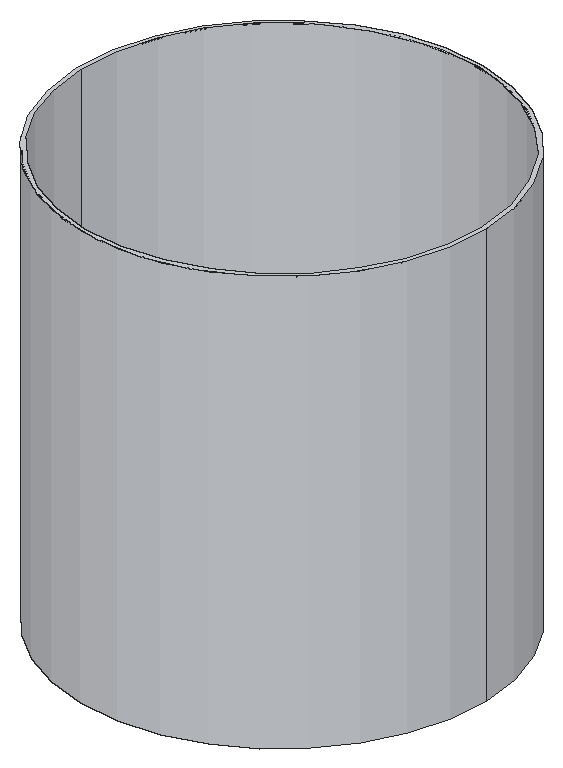
Revit family
Parameters (values of type "100 x 100 mm")
  Unifilar = Diâmetro Nominal * 0.4  # 40 mm
  URL = "http://www.tigre.com.br"
  Type Comments = ""
  Tigre: Sistema = "Esgoto"  # constant formula
  Tigre: Norma = ""
  Tigre: Material = "PVC Branco"  # constant formula
  Tigre: Marcador [instance] = "00"
  Tigre: Link do Produto = "http://www.tigre.com.br/pt/produtos_unico.php?rcr_id=4&cpr_id=10&cpr_id_pai=4&lnh_id=11&prd_id=150"
  Tigre: Linha = "Caixas e Ralos"  # constant formula
  Tigre: Fabricante = "© Tigre S/A"  # constant formula
  Tigre: Descrição = "Prolongamento p/ Caixa Sifonada 100 x 100mm, Esgoto - TIGRE"
  Tigre: Código com Separador [instance] = "27.30.748.5"
  Tigre: Código [instance] = 27307485
  Tigre: Comentários [instance] = ""
  Raio Nominal = 50 mm
  Raio Externo = 48.4 mm
  Raio Interno = 0.98 * Raio Externo  # 47.432 mm
  Model = ""
  Manufacturer = Tigre: Fabricante  # "© Tigre S/A"
  Diâmetro Nominal = Raio Nominal * 2  # 100 mm
  Description = Tigre: Descrição  # "Prolongamento p/ Caixa Sifonada 100 x 100mm, Esgoto - TIGRE"
  Default Elevation = 0.00 mm
  Comprimento do Tubo [instance] = 100 mm
  Acabamento [instance] = none
Types (7, lengths in mm): name | Unifilar | Tigre: Descrição | Tigre: Código com Separador | Tigre: Código | Raio Nominal | Raio Externo | Raio Interno | Diâmetro Nominal | Description | Comprimento do Tubo
  (no name) | 40 | "Prolongamento p/ Caixa Sifonada 100 x 100mm, Esgoto - TIGRE" | "27.30.748.5" | 27307485 | 50 | 48.4 | 47.432 | 100 | "Prolongamento p/ Caixa Sifonada 100 x 100mm, Esgoto - TIGRE" | 100
  100 x 100 mm | 40 | "Prolongamento p/ Caixa Sifonada 100 x 100mm, Esgoto - TIGRE" | "27.30.748.5" | 27307485 | 50 | 48.4 | 47.432 | 100 | "Prolongamento p/ Caixa Sifonada 100 x 100mm, Esgoto - TIGRE" | 100
  100 x 150 mm | 40 | "Prolongamento p/ Caixa Sifonada 100 x 150mm, Esgoto - TIGRE" | "27.30.749.3" | 27307493 | 50 | 48.4 | 47.432 | 100 | "Prolongamento p/ Caixa Sifonada 100 x 150mm, Esgoto - TIGRE" | 150
  100 x 200 mm | 40 | "Prolongamento p/ Caixa Sifonada 100 x 200mm, Esgoto - TIGRE" | "27.30.750.7" | 27307507 | 50 | 48.4 | 47.432 | 100 | "Prolongamento p/ Caixa Sifonada 100 x 200mm, Esgoto - TIGRE" | 200
  150 x 150 mm | 60 | "Prolongamento p/ Caixa Sifonada 150 x 150mm, Esgoto - TIGRE" | "27.30.815.5" | 27308155 | 75 | 74 | 72.52 | 150 | "Prolongamento p/ Caixa Sifonada 150 x 150mm, Esgoto - TIGRE" | 150
  150 x 200 mm | 60 | "Prolongamento p/ Caixa Sifonada 150 x 200mm, Esgoto - TIGRE" | "27.30.820.1" | 27308201 | 75 | 74 | 72.52 | 150 | "Prolongamento p/ Caixa Sifonada 150 x 200mm, Esgoto - TIGRE" | 200
  250 x 200 mm | 100 | "Prolongamento p/ Caixa Sifonada 250 x 200mm, Esgoto - TIGRE" | "27.30.900.3" | 27309003 | 125 | 123.5 | 121.03 | 250 | "Prolongamento p/ Caixa Sifonada 250 x 200mm, Esgoto - TIGRE" | 200
Reference planes
  plane 1 "Center (Front/Back)": y = 0
  plane 2: z = 0
  plane 3 "Center (Left/Right)": x = 0
  plane 4: z = -100
  plane 5: z = 0
Forms (mm)
  Sweep 1, solid, material <- "Acabamento", detail levels fine
    path origin (0, 0, 0) x (0, 0, -1) y (0, 1, 0)
      loop
        line (0, 0) -> (100, 0)
    profile origin (0, 0, -50) x (1, 0, 0) y (0, 1, 0)
      loop
        circle (0, 0) r 47.432
      loop
        circle (0, 0) r 48.4
Dimensions and locks
  "Comprimento do Tubo": plane 5 to plane 4
  "Raio Externo": radius of Sweep 1 sketch curve
  "Raio Interno": radius of Sweep 1 sketch curve
  aligned and locked: plane 1 "Center (Front/Back)" to Sweep 1 sketch curve
  aligned and locked: level to Sweep 1 sketch curve
  aligned and locked: plane 4 to Sweep 1 sketch curve
Automatic sketch dimensions
  Sweep 1 sketch curve to Sweep 1 sketch curve = 0.00 mm  (x2)
  Sweep 1 sketch curve to profile plane = 0.00 mm  (x2)
